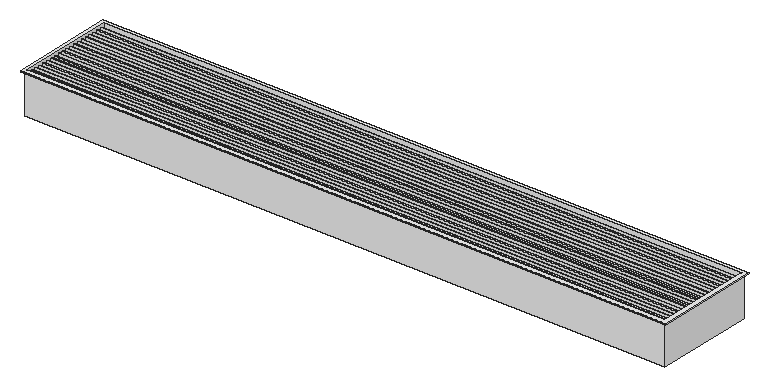
Revit family "DC_Holyoake_MEQ_LD-600SD-PMF_13", category Air Terminals, host Face, Revit 2013
Parameters (values of type "LD-600SD-PMF")
  Width LD [instance] = 150.0 mm
  URL = "http://www.holyoake.com"
  Type Comments = "Fineline Diffuser Series LD linear bar grilles"  # constant formula
  Static Pressure Min = 3.00 Pa
  Static Pressure Max = 69.00 Pa
  Noise Level NC Min = "< 10 NC"
  Noise Level NC Max = "48 NC"
  Model = "LD-600SD-PMF"  # constant formula
  Min Flow = 29 L/s
  Max Flow = 2600 L/s
  Material Face = Holyoake-Aluminium
  Material Body = Holyoake-Aluminium
  Manufacturer = "Holyoake"  # constant formula
  Length LD [instance] = 1000.0 mm
  Holyoake Product Range = "Holyoake Fineline Diffusers"  # constant formula
  Flow = 0 L/s
  Description = "Flangeless Linear Bar Diffuser with Vertical Rear Deflector Blades shall be Holyoake Model LD600SD-PMF with Horizontal Front Linear Bars of 3.25mm at 12.5mm centres set at 0 Degree deflection. \r\nRear vertical deflection blades shall be individually adjustable airfoil type. Flangeless Linear Bar Diffusers shall be of extruded aluminium construction to the sizes as documented and supplied with the Integral Plaster Mounting Frame (PMF) System. Linear Supply Air Diffusers shall be finished in powdercoat and fitted with accessories and dampers where indicated as manufactured by Holyoake"  # constant formula
  Default Elevation = 0.0 mm
  Array Number [instance] = ((Width LD - 25.4 mm) / 6.4 mm) - 0.9  # 19
Reference planes
  plane 1 "Center (Front/Back)": y = 0
  plane 2: z = 0
  plane 3 "Center (Left/Right)": x = 0
  plane 4: x = -500
  plane 5: x = 500
  plane 6: y = 75
  plane 7: y = -75
Forms (mm)
  Sweep 1, solid, material "Holyoake-Aluminium" <- "Material Body", detail levels fine
    path origin (0, 0, 0) x (1, 0, 0) y (0, 1, 0)
      loop
        line (-500, 75) -> (-500, -75) -> (500, -75) -> (500, 75) -> (-500, 75)
    profile origin (0, 75, 0) x (0, 1, 0) y (0, 0, 1)
      loop
        line (2, 0) -> (6, 0) -> (6, 2) -> (0, 2) -> (0, -62) -> (2, -62) -> (2, 0)
  Extrusion 2, void
    sketch origin (0, 0, 0) x (1, 0, 0) y (0, 1, 0)
      loop
        line (-500, 75) -> (-500, -75) -> (500, -75) -> (500, 75) -> (-500, 75)
    from 0 to -1000
Cuts and joins
  Extrusion 2 cuts Sweep 1
Lines and regions (mm)
  reference lines
    curve 1: line (-590.798, 68.65, 0) -> (-485.798, 68.65, 0)
    curve 2: line (-590.798, -68.65, 0) -> (-490.798, -68.65, 0)
  symbolic lines, style "Holyoake - Linear Diffusers", detail levels coarse+medium
    curve 3: line (-506, 81, 0) -> (506, 81, 0)
    curve 4: line (-506, -81, 0) -> (-506, 81, 0)
    curve 5: line (506, -81, 0) -> (-506, -81, 0)
    curve 6: line (506, 81, 0) -> (506, -81, 0)
    curve 7: line (-502, -77, 0) -> (502, -77, 0)
    curve 8: line (-502, 77, 0) -> (-502, -77, 0)
    curve 9: line (502, 77, 0) -> (-502, 77, 0)
    curve 10: line (502, -77, 0) -> (502, 77, 0)
    curve 11: line (-502, 0, -62) -> (502, 0, -62)
    curve 12: line (-502, 0, 2) -> (-502, 0, -62)
    curve 13: line (502, 0, 2) -> (-502, 0, 2)
    curve 14: line (502, 0, -62) -> (502, 0, 2)
    curve 15: line (0, 77, -62) -> (0, -77, -62)
    curve 16: line (0, 77, 2) -> (0, 77, -62)
    curve 17: line (0, -77, 2) -> (0, 77, 2)
    curve 18: line (0, -77, -62) -> (0, -77, 2)
Dimensions and locks
  equal spacing: plane 6, plane 1 "Center (Front/Back)", plane 7
  "Width LD": plane 6 to plane 7
  "Length LD": plane 4 to plane 5
  equal spacing: plane 4, plane 3 "Center (Left/Right)", plane 5
  locked: plane 6 to curve 1 at 6.35
  locked: curve 2 to plane 7 at 6.35
  equal spacing: group 1, group 3, group 4, group 5, group 6, group 7, group 8, group 9, group 10, group 11, group 12, group 13, group 14, group 15, group 16, group 17, group 18, group 19, group 2  (x2)
  equal spacing: group 2, group 19, group 18, group 17, group 16, group 15, group 14, group 13, group 12, group 11, group 10, group 9, group 8, group 7, group 6, group 5, group 4, group 3, group 1
  aligned and locked: plane 2 to host face
  aligned and locked: level to host face
  aligned and locked: plane 4 to Sweep 1 sketch curve
  aligned and locked: Sweep 1 sketch curve to plane 6
  aligned and locked: plane 7 to Sweep 1 sketch curve
  aligned and locked: Sweep 1 sketch curve to plane 5
  aligned and locked: plane 4 to nested 1
  aligned and locked: plane 4 to Sweep 1
  aligned and locked: nested 1 to curve 1
  aligned and locked: Sweep 1 to level
  aligned and locked: curve 2 to nested 2
  aligned and locked: plane 4 to nested 2
  aligned and locked: Extrusion 2 sketch curve to Sweep 1  (x3)
  aligned and locked: Sweep 1 to Extrusion 2 sketch curve
  aligned and locked: cut or joined group of Sweep 1, Extrusion 2 to curve 3
  aligned and locked: curve 3 to cut or joined group of Sweep 1, Extrusion 2
  aligned and locked: curve 6 to cut or joined group of Sweep 1, Extrusion 2  (x2)
  aligned and locked: cut or joined group of Sweep 1, Extrusion 2 to curve 7
  aligned and locked: curve 7 to cut or joined group of Sweep 1, Extrusion 2
  aligned and locked: curve 10 to cut or joined group of Sweep 1, Extrusion 2  (x2)
  aligned and locked: cut or joined group of Sweep 1, Extrusion 2 to curve 11
  aligned and locked: curve 11 to cut or joined group of Sweep 1, Extrusion 2
  aligned and locked: curve 14 to cut or joined group of Sweep 1, Extrusion 2
  aligned and locked: cut or joined group of Sweep 1, Extrusion 2 to curve 13
  aligned and locked: cut or joined group of Sweep 1, Extrusion 2 to curve 15
  aligned and locked: curve 15 to cut or joined group of Sweep 1, Extrusion 2
  aligned and locked: curve 18 to cut or joined group of Sweep 1, Extrusion 2
  aligned and locked: curve 17 to cut or joined group of Sweep 1, Extrusion 2
Automatic sketch dimensions
  Sweep 1 sketch curve to level = 0.0 mm
  Sweep 1 sketch curve to profile plane = 0.0 mm
  Sweep 1 sketch curve to Sweep 1 sketch curve = 2.0 mm
  Sweep 1 sketch curve to Sweep 1 sketch curve = 4.0 mm
  Sweep 1 sketch curve to Sweep 1 sketch curve = 62.0 mm
  level to Sweep 1 sketch curve = 2.0 mm
  host sketch curve to host sketch curve = 1716.464 mm
  host sketch curve to host sketch curve = 635.784 mm
  curve 2 to plane 4 = 90.798 mm
  curve 1 to curve 2 = 0.0 mm
  plane 4 to curve 2 = 9.202 mm
  plane 4 to curve 1 = 14.202 mm
Nested families
  nested 1: "LD Blade" at (-500, 67.15, 0), Blade Length <- "Length LD", type "LD Blade", detail levels fine
    with Blade Length 1000.0 mm
  nested 2: "LD Blade" at (-500, -68.65, 0), Blade Length <- "Length LD", type "LD Blade", detail levels fine
    with Blade Length 1000.0 mm
  nested 3: "LD Blade" at (-500, 59.606, 0), Blade Length <- "Length LD", type "LD Blade", detail levels fine
    with Blade Length 1000.0 mm
  nested 4: "LD Blade" at (-500, 52.061, 0), Blade Length <- "Length LD", type "LD Blade", detail levels fine
    with Blade Length 1000.0 mm
  nested 5: "LD Blade" at (-500, 44.517, 0), Blade Length <- "Length LD", type "LD Blade", detail levels fine
    with Blade Length 1000.0 mm
  nested 6: "LD Blade" at (-500, 36.972, 0), Blade Length <- "Length LD", type "LD Blade", detail levels fine
    with Blade Length 1000.0 mm
  nested 7: "LD Blade" at (-500, 29.428, 0), Blade Length <- "Length LD", type "LD Blade", detail levels fine
    with Blade Length 1000.0 mm
  nested 8: "LD Blade" at (-500, 21.883, 0), Blade Length <- "Length LD", type "LD Blade", detail levels fine
    with Blade Length 1000.0 mm
  nested 9: "LD Blade" at (-500, 14.339, 0), Blade Length <- "Length LD", type "LD Blade", detail levels fine
    with Blade Length 1000.0 mm
  nested 10: "LD Blade" at (-500, 6.794, 0), Blade Length <- "Length LD", type "LD Blade", detail levels fine
    with Blade Length 1000.0 mm
  nested 11: "LD Blade" at (-500, -0.75, 0), Blade Length <- "Length LD", type "LD Blade", detail levels fine
    with Blade Length 1000.0 mm
  nested 12: "LD Blade" at (-500, -8.294, 0), Blade Length <- "Length LD", type "LD Blade", detail levels fine
    with Blade Length 1000.0 mm
  nested 13: "LD Blade" at (-500, -15.839, 0), Blade Length <- "Length LD", type "LD Blade", detail levels fine
    with Blade Length 1000.0 mm
  nested 14: "LD Blade" at (-500, -23.383, 0), Blade Length <- "Length LD", type "LD Blade", detail levels fine
    with Blade Length 1000.0 mm
  nested 15: "LD Blade" at (-500, -30.928, 0), Blade Length <- "Length LD", type "LD Blade", detail levels fine
    with Blade Length 1000.0 mm
  nested 16: "LD Blade" at (-500, -38.472, 0), Blade Length <- "Length LD", type "LD Blade", detail levels fine
    with Blade Length 1000.0 mm
  nested 17: "LD Blade" at (-500, -46.017, 0), Blade Length <- "Length LD", type "LD Blade", detail levels fine
    with Blade Length 1000.0 mm
  nested 18: "LD Blade" at (-500, -53.561, 0), Blade Length <- "Length LD", type "LD Blade", detail levels fine
    with Blade Length 1000.0 mm
  nested 19: "LD Blade" at (-500, -61.106, 0), Blade Length <- "Length LD", type "LD Blade", detail levels fine
    with Blade Length 1000.0 mm
Definition of nested family "LD Blade"
  Parameters (values of type "LD Blade")
    Blade Material = Holyoake-Aluminium
    Blade Length [instance] = 600.0 mm
    Assembly Code = ""
  Reference planes
    plane 1 "Center (Front/Back)": y = 0
    plane 2: z = 0
    plane 3 "Center (Left/Right)": x = 0
    plane 4: x = 600
  Forms (mm)
    Extrusion 1, solid, material "Holyoake-Aluminium" <- "Blade Material"
      sketch origin (0, -1.042, 0) x (1, 0, 0) y (0, 1, 0)
        loop
          line (0, 1.042) -> (600, 1.042) -> (600, 2.542) -> (0, 2.542) -> (0, 1.042)
      from 0 to -20
  Dimensions and locks
    Extrusion 1 sketch curve to Extrusion 1 sketch curve = 1.5 mm
    "Blade Length": plane 3 "Center (Left/Right)" to plane 4
    locked: plane 1 "Center (Front/Back)" to Extrusion 1 at 1.5
    aligned and locked: plane 1 "Center (Front/Back)" to Extrusion 1
    aligned and locked: Extrusion 1 to plane 3 "Center (Left/Right)"
    aligned and locked: plane 4 to Extrusion 1
  Automatic sketch dimensions
    Extrusion 1 sketch curve to plane 1 "Center (Front/Back)" = 1.5 mm
    Extrusion 1 sketch curve to plane 3 "Center (Left/Right)" = 0.0 mm
    plane 4 to Extrusion 1 sketch curve = 0.0 mm
